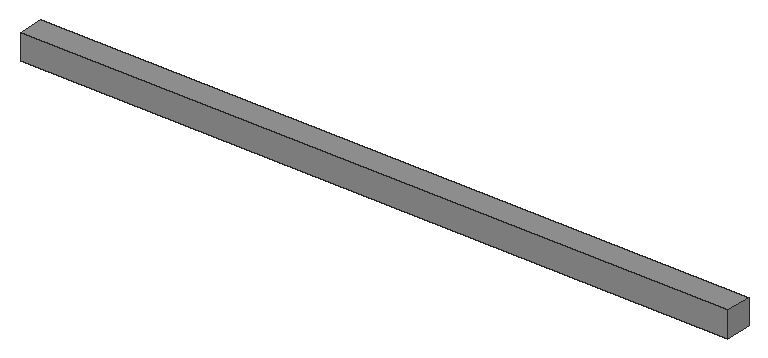
Revit family "63_UN_LF_Power Stripelite 18_LI", category Lighting Fixtures, Revit 2019
Family settings
  Round Connector Dimension = Use Diameter
  Part Type = Normal
  OmniClass Number = 23.80.70.11.14.11
  OmniClass Title = Downlights
  Work Plane-Based = No
  Always vertical = Yes
  Cut with Voids When Loaded = No
  Light Source = Yes
  Shared = No
  Room Calculation Point = Yes
Parameters (values of type "Power Stripelite 18 opaal")
  Wattage Comments = "24"
  Wattage = 3.36605 W
  built-in parameter 1150110 = 1 (stored number, unit not read)
  Voltage = 230 V
  URL = "https://lightinternational.nl/producten/opbouw-armaturen/power-stripelite/#138-power-stripelite-18"
  Type Comments = "Power Stripelite 18"
  built-in parameter 1114217 = 1 (stored number, unit not read)
  Tilt Angle = 90.00°
  built-in parameter 1150109 = 1 (stored number, unit not read)
  built-in parameter 1150134 = 3
  Symbol_ToScale [instance] = not(Symbol_RealSize)  # no
  Symbol_RealSize [instance] = yes
  Switch Code [instance] = ""
  built-in parameter 1150113 = 1 (stored number, unit not read)
  Photometric Web File = "PSL18_O_LDT.ies"
  Model = "Power Stripelite"
  Manufacturer = "Light International"
  built-in parameter 1150105 = 39.789 (stored number, unit not read)
  Luminous Flux (lm) = 3840 lm
  Lumens = 3840 lm
  built-in parameter 1150115 = 1 (stored number, unit not read)
  Luminaire Code [instance] = ""
  built-in parameter 1150137 = (empty or 0)
  built-in parameter 1150139 = (empty or 0)
  built-in parameter 1150112 = 1 (stored number, unit not read)
  built-in parameter 1150114 = 1 (stored number, unit not read)
  Lamp = "LED"
  L3 = 5 mm
  L2 = 65 mm
  L1 = 1825 mm
  built-in parameter 1150132 = 2
  built-in parameter 1150102 = (empty or 0)
  built-in parameter 1150107 = 4000 (stored number, unit not read)
  built-in parameter 1150138 = (empty or 0)
  built-in parameter 1150106 = 0.39789 (stored number, unit not read)
  IfcExportType = "USERDEFINED"
  IfcExportAs = "IfcLightFixtureType"
  ISBN Code = "ISBNCODE"
  IP Value = "IP65"
  IK Value = "IK16"
  Housing_Material = Select RGB Value for different appearance
  H1 = 65 mm
  GTIN Code = "GTINCODE"
  Emit from Rectangle Width = L2 - (L3 * 2)  # 55 mm
  Emit from Rectangle Length = L1 - (L3 * 2)  # 1815 mm
  Emit Shape Visible in Rendering = no
  built-in parameter 1150104 = 13.8 (stored number, unit not read)
  ETIM Code = "ETIMCODE"
  Dimming Lamp Color Temperature Shift = <None>
  Description = "DALI | 1-10V"
  Content Creator® = "www.ivlibrary.com"
  Color Filter = 16777215
  Calc_L2_Symbol = L2 / 100  # 0.65 mm
  Calc_L1_Symbol = L1 / 100  # 18.25 mm
  built-in parameter 1114218 = 1 (stored number, unit not read)
  built-in parameter 1150133 = 10 (stored number, unit not read)
  Assembly Code = "63.0"
  Apparent Load = 24 VA
Reference planes
  plane 1 "Center (Front/Back)": y = 0
  plane 2: z = 0
  plane 3 "Center (Left/Right)": x = 0
  plane 4: x = -907.5
  plane 5: x = 907.5
  plane 6: y = 27.5
  plane 7: y = -27.5
  plane 8: x = -912.5
  plane 9: x = 912.5
  plane 10: y = -32.5
  plane 11: y = 32.5
Lines and regions (mm)
  symbolic lines, visible <- "Symbol_RealSize"
    curve 1: line (-912.5, -32.5, 0) -> (912.5, -32.5, 0)
    curve 2: line (-912.5, 32.5, 0) -> (-912.5, -32.5, 0)
    curve 3: line (912.5, 32.5, 0) -> (-912.5, 32.5, 0)
    curve 4: line (912.5, -32.5, 0) -> (912.5, 32.5, 0)
Dimensions and locks
  equal spacing: plane 11, plane 1 "Center (Front/Back)", plane 10
  equal spacing: plane 8, plane 3 "Center (Left/Right)", plane 9
  "L1": plane 8 to plane 9
  "L2": plane 11 to plane 10
  "L3": plane 8 to plane 4
  "L3": plane 5 to plane 9
  "L3": plane 6 to plane 11
  "L3": plane 7 to plane 10
  "H1": level to imposter light
  aligned and locked: level to plane 2
  aligned and locked: level to nested 2
Automatic sketch dimensions
  curve 3 to plane 8 = 0 mm
  curve 1 to plane 9 = 0 mm
  curve 2 to plane 10 = 0 mm
  plane 11 to curve 2 = 0 mm
Nested families
  nested 1: "Parametric Light-Line Symbol" at (0, 0, 0), L1 <- "Calc_L1_Symbol", L2 <- "Calc_L2_Symbol", visible <- "Symbol_ToScale", type "Parametric LED Panel Symbol"
    with L2 0.65 mm, L1 18.25 mm
  nested 2: "SM Light-line Geometry" at (0, 0, 0), type "Type Catalog"
    with Symbol_ToScale no, Symbol_RealSize yes, Switch Code "", Luminaire Code "", L3 5 mm, L2 65 mm, L1 1825 mm, H1 65 mm, Calc_L2_Symbol 0.65 mm, Calc_L1_Symbol 18.25 mm
Connectors
  electrical at (0, 0, 0), driven by "Voltage", driven by "Apparent Load"
    settings: index 1, voltage 230 V, apparent load 0 VA, apparent load phase1 24 VA, apparent load phase2 0 VA, apparent load phase3 0 VA, power factor 1, load classification "Lighting", number of poles 1, system type 31, power factor state 1, is connector primary yes, connector utility no, sub classification motor no, connector description ""
Definition of nested family "SM Light-line Geometry"
  Parameters (values of type "Type Catalog")
    Wattage Comments = "19W"
    Voltage = 230 V
    URL = "https://www.ivlibrary.com/"
    Type Comments = "TYPENAME"
    Symbol_ToScale [instance] = not(Symbol_RealSize)  # no
    Symbol_RealSize [instance] = yes
    Switch Code [instance] = ""
    Model = "FAMILYNAME"
    Manufacturer = "MANUFACTURER"
    Luminous Flux (lm) = 500 lm
    Luminaire Code [instance] = ""
    Lamp = "LED"
    LED Panel = yes
    L3 = 7.5 mm
    L2 = 100 mm
    L1 = 1500 mm
    IfcExportType = "USERDEFINED"
    IfcExportAs = "IfcLightFixtureType"
    ISBN Code = "ISBNCODE"
    IP Value = "IPVALUE"
    IK Value = "IKVALUE"
    Housing_Material = none
    H1 = 80 mm
    GTIN Code = "GTINCODE"
    ETIM Code = "ETIMCODE"
    Description = ""
    Content Creator® = "www.ivlibrary.com"
    Calc_L2_Symbol = L2 / 100  # 1 mm
    Calc_L1_Symbol = L1 / 100  # 15 mm
    Assembly Code = "63.0"
    Apparent Load = 19 VA
  Reference planes
    plane 1 "Center (Front/Back)": y = 0
    plane 2: z = 0
    plane 3 "Center (Left/Right)": x = 0
    plane 4: x = -742.5
    plane 5: x = 742.5
    plane 6: y = 42.5
    plane 7: y = -42.5
    plane 8: x = -750
    plane 9: x = 750
    plane 10: y = -50
    plane 11: y = 50
  Forms (mm)
    Extrusion 1, solid, material <- "Housing_Material"
      sketch origin (0, 0, -77) x (1, 0, 0) y (0, 1, 0)
        loop
          line (-742.5, 42.5) -> (-742.5, -42.5) -> (742.5, -42.5) -> (742.5, 42.5) -> (-742.5, 42.5)
      from -2.103 to 77
    Extrusion 2, solid, material <- "Housing_Material"
      sketch origin (0, 0, -243) x (1, 0, 0) y (0, 1, 0)
        loop
          line (-742.5, 42.5) -> (-742.5, -42.5) -> (742.5, -42.5) -> (742.5, 42.5) -> (-742.5, 42.5)
        loop
          line (-750, -50) -> (750, -50) -> (750, 50) -> (-750, 50) -> (-750, -50)
      from 243 to 163
    Extrusion 3, solid
      sketch origin (0, 0, -79.5) x (1, 0, 0) y (0, 1, 0)
        loop
          line (-742.5, 42.5) -> (-742.5, -42.5) -> (742.5, -42.5) -> (742.5, 42.5) -> (-742.5, 42.5)
      from 0.397 to -0.5
  Cuts and joins
    joined: Extrusion 1, Extrusion 2
  Lines and regions (mm)
    symbolic lines, visible <- "Symbol_RealSize"
      curve 1: line (-750, -50, 0) -> (750, -50, 0)
      curve 2: line (-750, 50, 0) -> (-750, -50, 0)
      curve 3: line (750, 50, 0) -> (-750, 50, 0)
      curve 4: line (750, -50, 0) -> (750, 50, 0)
  Dimensions and locks
    equal spacing: plane 11, plane 1 "Center (Front/Back)", plane 10
    equal spacing: plane 8, plane 3 "Center (Left/Right)", plane 9
    "L1": plane 8 to plane 9
    "L2": plane 11 to plane 10
    "L3": plane 8 to plane 4
    "L3": plane 5 to plane 9
    "L3": plane 6 to plane 11
    "L3": plane 7 to plane 10
    "H1": level to Extrusion 2
    Extrusion 1 to Extrusion 2 = 0.897 mm
    locked: Extrusion 3 to Extrusion 2 at 0.897
    aligned and locked: level to plane 2
    aligned and locked: level to Extrusion 2
    aligned and locked: Extrusion 2 to Extrusion 3
    aligned and locked: Extrusion 1 to Extrusion 3
  Automatic sketch dimensions
    curve 3 to plane 8 = 0 mm
    curve 3 to plane 9 = 0 mm
    curve 1 to plane 10 = 0 mm
    plane 11 to curve 3 = 0 mm
    Extrusion 1 sketch curve to plane 4 = 0 mm
    Extrusion 1 sketch curve to plane 5 = 0 mm
    Extrusion 1 sketch curve to plane 7 = 0 mm
    Extrusion 1 sketch curve to plane 6 = 0 mm
    Extrusion 2 sketch curve to plane 8 = 0 mm
    Extrusion 2 sketch curve to plane 4 = 0 mm
    Extrusion 2 sketch curve to plane 5 = 0 mm
    Extrusion 2 sketch curve to plane 9 = 0 mm
    Extrusion 2 sketch curve to plane 10 = 0 mm
    Extrusion 2 sketch curve to plane 7 = 0 mm
    Extrusion 2 sketch curve to plane 6 = 0 mm
    plane 11 to Extrusion 2 sketch curve = 0 mm
    Extrusion 3 sketch curve to plane 4 = 0 mm
    Extrusion 3 sketch curve to plane 5 = 0 mm
    Extrusion 3 sketch curve to plane 7 = 0 mm
    Extrusion 3 sketch curve to plane 6 = 0 mm
  Nested families
    nested 1: "Parametric Light-Line Symbol" at (0, 0, 0), L1 <- "Calc_L1_Symbol", L2 <- "Calc_L2_Symbol", visible <- "Symbol_ToScale", type "Parametric LED Panel Symbol"
      with L2 1 mm, L1 15 mm
  Connectors
    electrical at (0, 0, 0), driven by "Voltage", driven by "Apparent Load"
      settings: index 2, voltage 230 V, apparent load 0 VA, apparent load phase1 19 VA, apparent load phase2 0 VA, apparent load phase3 0 VA, power factor 1, load classification none, number of poles 1, system type 31, power factor state 1, is connector primary yes, connector utility no, sub classification motor no, connector description ""
  Definition of nested family "Parametric Light-Line Symbol"
    Parameters (values of type "Parametric LED Panel Symbol")
      L2 [instance] = 4.484 mm
      L1 [instance] = 6.437 mm
    Reference planes
      plane 1: y = 0
      plane 2: x = 0
    Lines and regions (mm)
      detail lines
        curve 1: line (-3.219, 2.242, 0) -> (3.219, 2.242, 0)
        curve 2: line (-3.219, -2.242, 0) -> (-3.219, 2.242, 0)
        curve 3: line (3.219, -2.242, 0) -> (-3.219, -2.242, 0)
        curve 4: line (3.219, 2.242, 0) -> (3.219, -2.242, 0)
    Dimensions and locks
      equal spacing: curve 2, plane 2, curve 4
      equal spacing: curve 3, plane 1, curve 1
      "L1": curve 2 to curve 4
      "L2": curve 3 to curve 1
Definition of nested family "Parametric Light-Line Symbol"
  Parameters (values of type "Parametric LED Panel Symbol")
    L2 [instance] = 4.484 mm
    L1 [instance] = 6.437 mm
  Reference planes
    plane 1: y = 0
    plane 2: x = 0
  Lines and regions (mm)
    detail lines
      curve 1: line (-3.219, 2.242, 0) -> (3.219, 2.242, 0)
      curve 2: line (-3.219, -2.242, 0) -> (-3.219, 2.242, 0)
      curve 3: line (3.219, -2.242, 0) -> (-3.219, -2.242, 0)
      curve 4: line (3.219, 2.242, 0) -> (3.219, -2.242, 0)
  Dimensions and locks
    equal spacing: curve 2, plane 2, curve 4
    equal spacing: curve 3, plane 1, curve 1
    "L1": curve 2 to curve 4
    "L2": curve 3 to curve 1
